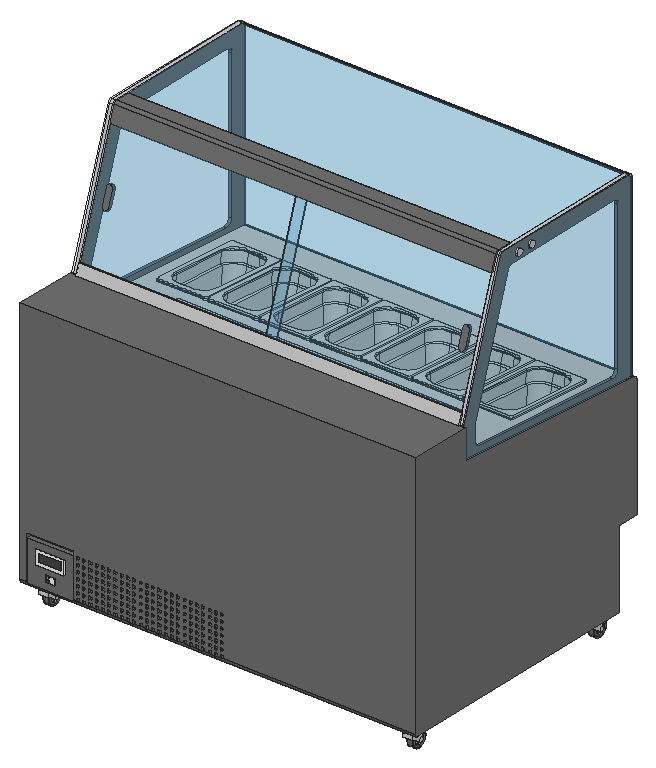
Revit family "QF_BLIZZARD_LUXE9_250923021445", category Specialty Equipment, Revit 2021 (continued)
Definition of nested family "QF_BLIZZARD_SUNDAE9_2920"
  Lines and regions (mm)
    symbolic lines
      curve 132: line (1240, -473.462, 0) -> (20, -473.462, 0)
      curve 133: line (1240, -549.195, 0) -> (20, -549.195, 0)
      curve 134: line (1087.5, -620.214, 0) -> (1087.5, -549.195, 0)
      curve 135: spline (1078.5, -629.185, 0) -> (1079.675, -629.108, 0) -> (1080.829, -628.879, 0) -> (1081.944, -628.502, 0) -> (1083, -627.983, 0) -> (1083.979, -627.331, 0) -> (1084.864, -626.557, 0) -> (1085.64, -625.675, 0) -> (1086.294, -624.699, 0) -> (1086.815, -623.647, 0) -> (1087.193, -622.536, 0) -> (1087.423, -621.385, 0) -> (1087.5, -620.214, 0)
      curve 136: line (791.5, -629.185, 0) -> (1078.5, -629.185, 0)
      curve 137: line (782.5, -549.195, 0) -> (782.5, -620.214, 0)
      curve 138: spline (782.5, -620.214, 0) -> (782.577, -621.385, 0) -> (782.807, -622.536, 0) -> (783.185, -623.647, 0) -> (783.706, -624.699, 0) -> (784.36, -625.675, 0) -> (785.136, -626.557, 0) -> (786.021, -627.331, 0) -> (787, -627.983, 0) -> (788.056, -628.502, 0) -> (789.171, -628.879, 0) -> (790.325, -629.108, 0) -> (791.5, -629.185, 0)
      curve 139: spline (773.5, -629.185, 0) -> (774.675, -629.108, 0) -> (775.829, -628.879, 0) -> (776.944, -628.502, 0) -> (778, -627.983, 0) -> (778.979, -627.331, 0) -> (779.864, -626.557, 0) -> (780.64, -625.675, 0) -> (781.294, -624.699, 0) -> (781.815, -623.647, 0) -> (782.193, -622.536, 0) -> (782.423, -621.385, 0) -> (782.5, -620.214, 0)
      curve 140: line (486.5, -629.185, 0) -> (773.5, -629.185, 0)
      curve 141: spline (477.5, -620.214, 0) -> (477.577, -621.385, 0) -> (477.807, -622.536, 0) -> (478.185, -623.647, 0) -> (478.706, -624.699, 0) -> (479.36, -625.675, 0) -> (480.136, -626.557, 0) -> (481.021, -627.331, 0) -> (482, -627.983, 0) -> (483.056, -628.502, 0) -> (484.171, -628.879, 0) -> (485.325, -629.108, 0) -> (486.5, -629.185, 0)
      curve 142: line (477.5, -549.195, 0) -> (477.5, -620.214, 0)
      curve 143: line (492.485, -566.485, 0) -> (492.485, -549.195, 0)
      curve 144: spline (540.485, -614.33, 0) -> (534.219, -613.92, 0) -> (528.061, -612.699, 0) -> (522.116, -610.688, 0) -> (516.485, -607.92, 0) -> (511.264, -604.443, 0) -> (506.543, -600.316, 0) -> (502.404, -595.611, 0) -> (498.915, -590.407, 0) -> (496.138, -584.794, 0) -> (494.12, -578.868, 0) -> (492.895, -572.73, 0) -> (492.485, -566.485, 0)
      curve 145: line (719.515, -614.33, 0) -> (540.485, -614.33, 0)
      curve 146: spline (767.515, -566.485, 0) -> (767.105, -572.73, 0) -> (765.88, -578.868, 0) -> (763.862, -584.794, 0) -> (761.085, -590.407, 0) -> (757.596, -595.611, 0) -> (753.457, -600.316, 0) -> (748.736, -604.443, 0) -> (743.515, -607.92, 0) -> (737.884, -610.688, 0) -> (731.939, -612.699, 0) -> (725.781, -613.92, 0) -> (719.515, -614.33, 0)
      curve 147: line (797.485, -566.485, 0) -> (797.485, -549.195, 0)
      curve 148: spline (845.485, -614.33, 0) -> (839.219, -613.92, 0) -> (833.061, -612.699, 0) -> (827.116, -610.688, 0) -> (821.485, -607.92, 0) -> (816.264, -604.443, 0) -> (811.543, -600.316, 0) -> (807.404, -595.611, 0) -> (803.915, -590.407, 0) -> (801.138, -584.794, 0) -> (799.12, -578.868, 0) -> (797.895, -572.73, 0) -> (797.485, -566.485, 0)
      curve 149: line (1024.515, -614.33, 0) -> (845.485, -614.33, 0)
      curve 150: spline (1072.515, -566.485, 0) -> (1072.105, -572.73, 0) -> (1070.88, -578.868, 0) -> (1068.862, -584.794, 0) -> (1066.085, -590.407, 0) -> (1062.596, -595.611, 0) -> (1058.457, -600.316, 0) -> (1053.736, -604.443, 0) -> (1048.515, -607.92, 0) -> (1042.884, -610.688, 0) -> (1036.939, -612.699, 0) -> (1030.781, -613.92, 0) -> (1024.515, -614.33, 0)
      curve 151: line (1072.515, -549.195, 0) -> (1072.515, -566.485, 0)
      curve 152: line (1078.5, -467.709, 0) -> (791.5, -467.709, 0)
      curve 153: line (773.5, -467.709, 0) -> (486.5, -467.709, 0)
      curve 154: spline (486.5, -467.709, 0) -> (485.599, -467.754, 0) -> (484.706, -467.889, 0) -> (483.832, -468.112, 0) -> (482.984, -468.422, 0) -> (482.172, -468.814, 0) -> (481.404, -469.286, 0) -> (480.686, -469.832, 0) -> (480.027, -470.446, 0) -> (479.434, -471.124, 0) -> (478.911, -471.857, 0) -> (478.464, -472.639, 0) -> (478.099, -473.462, 0)
      curve 155: spline (791.5, -467.709, 0) -> (790.599, -467.754, 0) -> (789.706, -467.889, 0) -> (788.832, -468.112, 0) -> (787.984, -468.422, 0) -> (787.172, -468.814, 0) -> (786.404, -469.286, 0) -> (785.686, -469.832, 0) -> (785.027, -470.446, 0) -> (784.434, -471.124, 0) -> (783.911, -471.857, 0) -> (783.464, -472.639, 0) -> (783.099, -473.462, 0)
      curve 156: spline (781.901, -473.462, 0) -> (781.536, -472.639, 0) -> (781.089, -471.857, 0) -> (780.566, -471.124, 0) -> (779.973, -470.446, 0) -> (779.314, -469.832, 0) -> (778.596, -469.286, 0) -> (777.828, -468.814, 0) -> (777.016, -468.422, 0) -> (776.168, -468.112, 0) -> (775.294, -467.889, 0) -> (774.401, -467.754, 0) -> (773.5, -467.709, 0)
      curve 157: spline (1086.901, -473.462, 0) -> (1086.536, -472.639, 0) -> (1086.089, -471.857, 0) -> (1085.566, -471.124, 0) -> (1084.973, -470.446, 0) -> (1084.314, -469.832, 0) -> (1083.596, -469.286, 0) -> (1082.828, -468.814, 0) -> (1082.016, -468.422, 0) -> (1081.168, -468.112, 0) -> (1080.294, -467.889, 0) -> (1079.401, -467.754, 0) -> (1078.5, -467.709, 0)
      curve 158: line (767.515, -566.485, 0) -> (767.515, -549.195, 0)
      curve 159: spline (468.5, -629.185, 0) -> (469.675, -629.108, 0) -> (470.829, -628.879, 0) -> (471.944, -628.502, 0) -> (473, -627.983, 0) -> (473.979, -627.331, 0) -> (474.864, -626.557, 0) -> (475.64, -625.675, 0) -> (476.294, -624.699, 0) -> (476.815, -623.647, 0) -> (477.193, -622.536, 0) -> (477.423, -621.385, 0) -> (477.5, -620.214, 0)
      curve 160: line (181.5, -629.185, 0) -> (468.5, -629.185, 0)
      curve 161: spline (172.5, -620.214, 0) -> (172.577, -621.385, 0) -> (172.807, -622.536, 0) -> (173.185, -623.647, 0) -> (173.706, -624.699, 0) -> (174.36, -625.675, 0) -> (175.136, -626.557, 0) -> (176.021, -627.331, 0) -> (177, -627.983, 0) -> (178.056, -628.502, 0) -> (179.171, -628.879, 0) -> (180.325, -629.108, 0) -> (181.5, -629.185, 0)
      curve 162: line (172.5, -549.195, 0) -> (172.5, -620.214, 0)
      curve 163: line (187.485, -566.485, 0) -> (187.485, -549.195, 0)
      curve 164: spline (235.485, -614.33, 0) -> (229.219, -613.92, 0) -> (223.061, -612.699, 0) -> (217.116, -610.688, 0) -> (211.485, -607.92, 0) -> (206.264, -604.443, 0) -> (201.543, -600.316, 0) -> (197.404, -595.611, 0) -> (193.915, -590.407, 0) -> (191.138, -584.794, 0) -> (189.12, -578.868, 0) -> (187.895, -572.73, 0) -> (187.485, -566.485, 0)
      curve 165: line (414.515, -614.33, 0) -> (235.485, -614.33, 0)
      curve 166: spline (462.515, -566.485, 0) -> (462.105, -572.73, 0) -> (460.88, -578.868, 0) -> (458.862, -584.794, 0) -> (456.085, -590.407, 0) -> (452.596, -595.611, 0) -> (448.457, -600.316, 0) -> (443.736, -604.443, 0) -> (438.515, -607.92, 0) -> (432.884, -610.688, 0) -> (426.939, -612.699, 0) -> (420.781, -613.92, 0) -> (414.515, -614.33, 0)
      curve 167: line (468.5, -467.709, 0) -> (181.5, -467.709, 0)
      curve 168: spline (181.5, -467.709, 0) -> (180.599, -467.754, 0) -> (179.706, -467.889, 0) -> (178.832, -468.112, 0) -> (177.984, -468.422, 0) -> (177.172, -468.814, 0) -> (176.404, -469.286, 0) -> (175.686, -469.832, 0) -> (175.027, -470.446, 0) -> (174.434, -471.124, 0) -> (173.911, -471.857, 0) -> (173.464, -472.639, 0) -> (173.099, -473.462, 0)
      curve 169: spline (476.901, -473.462, 0) -> (476.536, -472.639, 0) -> (476.089, -471.857, 0) -> (475.566, -471.124, 0) -> (474.973, -470.446, 0) -> (474.314, -469.832, 0) -> (473.596, -469.286, 0) -> (472.828, -468.814, 0) -> (472.016, -468.422, 0) -> (471.168, -468.112, 0) -> (470.294, -467.889, 0) -> (469.401, -467.754, 0) -> (468.5, -467.709, 0)
      curve 170: line (462.515, -566.485, 0) -> (462.515, -549.195, 0)
      curve 171: line (384, -409.003, 0) -> (384, -122.932, 0)
      curve 172: spline (378, -414.983, 0) -> (378.783, -414.932, 0) -> (379.553, -414.78, 0) -> (380.296, -414.528, 0) -> (381, -414.182, 0) -> (381.653, -413.748, 0) -> (382.243, -413.232, 0) -> (382.76, -412.644, 0) -> (383.196, -411.993, 0) -> (383.543, -411.292, 0) -> (383.796, -410.551, 0) -> (383.949, -409.783, 0) -> (384, -409.003, 0)
      curve 173: line (234, -414.983, 0) -> (378, -414.983, 0)
      curve 174: line (234, -418.376, 0) -> (378, -418.376, 0)
      curve 175: spline (378, -418.376, 0) -> (379.175, -418.299, 0) -> (380.329, -418.07, 0) -> (381.444, -417.693, 0) -> (382.5, -417.174, 0) -> (383.479, -416.522, 0) -> (384.364, -415.748, 0) -> (385.14, -414.866, 0) -> (385.794, -413.89, 0) -> (386.315, -412.838, 0) -> (386.693, -411.727, 0) -> (386.923, -410.576, 0) -> (387, -409.405, 0)
      curve 176: spline (228, -409.003, 0) -> (228.051, -409.783, 0) -> (228.204, -410.551, 0) -> (228.457, -411.292, 0) -> (228.804, -411.993, 0) -> (229.24, -412.644, 0) -> (229.757, -413.232, 0) -> (230.347, -413.748, 0) -> (231, -414.182, 0) -> (231.704, -414.528, 0) -> (232.447, -414.78, 0) -> (233.217, -414.932, 0) -> (234, -414.983, 0)
      curve 177: spline (225, -409.405, 0) -> (225.077, -410.576, 0) -> (225.307, -411.727, 0) -> (225.685, -412.838, 0) -> (226.206, -413.89, 0) -> (226.86, -414.866, 0) -> (227.636, -415.748, 0) -> (228.521, -416.522, 0) -> (229.5, -417.174, 0) -> (230.556, -417.693, 0) -> (231.671, -418.07, 0) -> (232.825, -418.299, 0) -> (234, -418.376, 0)
      curve 178: line (228, -122.932, 0) -> (228, -409.003, 0)
      curve 179: line (225, -123.333, 0) -> (225, -409.405, 0)
      curve 180: spline (384, -122.932, 0) -> (383.949, -122.151, 0) -> (383.796, -121.384, 0) -> (383.543, -120.643, 0) -> (383.196, -119.941, 0) -> (382.76, -119.291, 0) -> (382.243, -118.703, 0) -> (381.653, -118.187, 0) -> (381, -117.752, 0) -> (380.296, -117.406, 0) -> (379.553, -117.155, 0) -> (378.783, -117.002, 0) -> (378, -116.951, 0)
      curve 181: spline (387, -123.333, 0) -> (386.923, -122.163, 0) -> (386.693, -121.012, 0) -> (386.315, -119.9, 0) -> (385.794, -118.848, 0) -> (385.14, -117.872, 0) -> (384.364, -116.99, 0) -> (383.479, -116.216, 0) -> (382.5, -115.564, 0) -> (381.444, -115.045, 0) -> (380.329, -114.668, 0) -> (379.175, -114.439, 0) -> (378, -114.363, 0)
      curve 182: line (378, -114.363, 0) -> (234, -114.363, 0)
      curve 183: line (378, -116.951, 0) -> (234, -116.951, 0)
      curve 184: spline (234, -116.951, 0) -> (233.217, -117.002, 0) -> (232.447, -117.155, 0) -> (231.704, -117.406, 0) -> (231, -117.752, 0) -> (230.347, -118.187, 0) -> (229.757, -118.703, 0) -> (229.24, -119.291, 0) -> (228.804, -119.941, 0) -> (228.457, -120.643, 0) -> (228.204, -121.384, 0) -> (228.051, -122.151, 0) -> (228, -122.932, 0)
      curve 185: spline (234, -114.363, 0) -> (232.825, -114.439, 0) -> (231.671, -114.668, 0) -> (230.556, -115.045, 0) -> (229.5, -115.564, 0) -> (228.521, -116.216, 0) -> (227.636, -116.99, 0) -> (226.86, -117.872, 0) -> (226.206, -118.848, 0) -> (225.685, -119.9, 0) -> (225.307, -121.012, 0) -> (225.077, -122.163, 0) -> (225, -123.333, 0)
      curve 186: spline (372.5, -355.193, 0) -> (372.089, -361.438, 0) -> (370.864, -367.576, 0) -> (368.846, -373.502, 0) -> (366.069, -379.115, 0) -> (362.581, -384.319, 0) -> (358.441, -389.024, 0) -> (353.721, -393.151, 0) -> (348.5, -396.628, 0) -> (342.869, -399.396, 0) -> (336.923, -401.407, 0) -> (330.765, -402.628, 0) -> (324.5, -403.038, 0)
      curve 187: line (324.5, -403.038, 0) -> (287.5, -403.038, 0)
      curve 188: spline (287.5, -403.038, 0) -> (281.235, -402.628, 0) -> (275.077, -401.407, 0) -> (269.131, -399.396, 0) -> (263.5, -396.628, 0) -> (258.279, -393.151, 0) -> (253.559, -389.024, 0) -> (249.419, -384.319, 0) -> (245.931, -379.115, 0) -> (243.154, -373.502, 0) -> (241.136, -367.576, 0) -> (239.911, -361.438, 0) -> (239.5, -355.193, 0)
      curve 189: line (239.5, -355.193, 0) -> (239.5, -176.741, 0)
      curve 190: line (372.5, -176.741, 0) -> (372.5, -355.193, 0)
      curve 191: spline (239.5, -176.741, 0) -> (239.911, -170.496, 0) -> (241.136, -164.358, 0) -> (243.154, -158.432, 0) -> (245.931, -152.819, 0) -> (249.419, -147.615, 0) -> (253.559, -142.91, 0) -> (258.279, -138.784, 0) -> (263.5, -135.307, 0) -> (269.131, -132.539, 0) -> (275.077, -130.527, 0) -> (281.235, -129.306, 0) -> (287.5, -128.897, 0)
      curve 192: line (287.5, -128.897, 0) -> (324.5, -128.897, 0)
      curve 193: spline (324.5, -128.897, 0) -> (330.765, -129.306, 0) -> (336.923, -130.527, 0) -> (342.869, -132.539, 0) -> (348.5, -135.307, 0) -> (353.721, -138.784, 0) -> (358.441, -142.91, 0) -> (362.581, -147.615, 0) -> (366.069, -152.819, 0) -> (368.846, -158.432, 0) -> (370.864, -164.358, 0) -> (372.089, -170.496, 0) -> (372.5, -176.741, 0)
      curve 194: line (222, -409.003, 0) -> (222, -122.932, 0)
      curve 195: spline (216, -414.983, 0) -> (216.783, -414.932, 0) -> (217.553, -414.78, 0) -> (218.296, -414.528, 0) -> (219, -414.182, 0) -> (219.653, -413.748, 0) -> (220.243, -413.232, 0) -> (220.76, -412.644, 0) -> (221.196, -411.993, 0) -> (221.543, -411.292, 0) -> (221.796, -410.551, 0) -> (221.949, -409.783, 0) -> (222, -409.003, 0)
      curve 196: line (72, -414.983, 0) -> (216, -414.983, 0)
      curve 197: line (72, -418.376, 0) -> (216, -418.376, 0)
      curve 198: spline (216, -418.376, 0) -> (217.175, -418.299, 0) -> (218.329, -418.07, 0) -> (219.444, -417.693, 0) -> (220.5, -417.174, 0) -> (221.479, -416.522, 0) -> (222.364, -415.748, 0) -> (223.14, -414.866, 0) -> (223.794, -413.89, 0) -> (224.315, -412.838, 0) -> (224.693, -411.727, 0) -> (224.923, -410.576, 0) -> (225, -409.405, 0)
      curve 199: spline (66, -409.003, 0) -> (66.051, -409.783, 0) -> (66.204, -410.551, 0) -> (66.457, -411.292, 0) -> (66.804, -411.993, 0) -> (67.24, -412.644, 0) -> (67.757, -413.232, 0) -> (68.347, -413.748, 0) -> (69, -414.182, 0) -> (69.704, -414.528, 0) -> (70.447, -414.78, 0) -> (71.217, -414.932, 0) -> (72, -414.983, 0)
      curve 200: spline (63, -409.405, 0) -> (63.077, -410.576, 0) -> (63.307, -411.727, 0) -> (63.685, -412.838, 0) -> (64.206, -413.89, 0) -> (64.86, -414.866, 0) -> (65.636, -415.748, 0) -> (66.521, -416.522, 0) -> (67.5, -417.174, 0) -> (68.556, -417.693, 0) -> (69.671, -418.07, 0) -> (70.825, -418.299, 0) -> (72, -418.376, 0)
      curve 201: line (66, -122.932, 0) -> (66, -409.003, 0)
      curve 202: line (63, -123.333, 0) -> (63, -409.405, 0)
      curve 203: spline (222, -122.932, 0) -> (221.949, -122.151, 0) -> (221.796, -121.384, 0) -> (221.543, -120.643, 0) -> (221.196, -119.941, 0) -> (220.76, -119.291, 0) -> (220.243, -118.703, 0) -> (219.653, -118.187, 0) -> (219, -117.752, 0) -> (218.296, -117.406, 0) -> (217.553, -117.155, 0) -> (216.783, -117.002, 0) -> (216, -116.951, 0)
      curve 204: spline (225, -123.333, 0) -> (224.923, -122.163, 0) -> (224.693, -121.012, 0) -> (224.315, -119.9, 0) -> (223.794, -118.848, 0) -> (223.14, -117.872, 0) -> (222.364, -116.99, 0) -> (221.479, -116.216, 0) -> (220.5, -115.564, 0) -> (219.444, -115.045, 0) -> (218.329, -114.668, 0) -> (217.175, -114.439, 0) -> (216, -114.363, 0)
      curve 205: line (216, -114.363, 0) -> (72, -114.363, 0)
      curve 206: line (216, -116.951, 0) -> (72, -116.951, 0)
      curve 207: spline (72, -116.951, 0) -> (71.217, -117.002, 0) -> (70.447, -117.155, 0) -> (69.704, -117.406, 0) -> (69, -117.752, 0) -> (68.347, -118.187, 0) -> (67.757, -118.703, 0) -> (67.24, -119.291, 0) -> (66.804, -119.941, 0) -> (66.457, -120.643, 0) -> (66.204, -121.384, 0) -> (66.051, -122.151, 0) -> (66, -122.932, 0)
      curve 208: spline (72, -114.363, 0) -> (70.825, -114.439, 0) -> (69.671, -114.668, 0) -> (68.556, -115.045, 0) -> (67.5, -115.564, 0) -> (66.521, -116.216, 0) -> (65.636, -116.99, 0) -> (64.86, -117.872, 0) -> (64.206, -118.848, 0) -> (63.685, -119.9, 0) -> (63.307, -121.012, 0) -> (63.077, -122.163, 0) -> (63, -123.333, 0)
      curve 209: spline (210.5, -355.193, 0) -> (210.089, -361.438, 0) -> (208.864, -367.576, 0) -> (206.846, -373.502, 0) -> (204.069, -379.115, 0) -> (200.581, -384.319, 0) -> (196.441, -389.024, 0) -> (191.721, -393.151, 0) -> (186.5, -396.628, 0) -> (180.869, -399.396, 0) -> (174.923, -401.407, 0) -> (168.765, -402.628, 0) -> (162.5, -403.038, 0)
      curve 210: line (162.5, -403.038, 0) -> (125.5, -403.038, 0)
      curve 211: spline (125.5, -403.038, 0) -> (119.235, -402.628, 0) -> (113.077, -401.407, 0) -> (107.131, -399.396, 0) -> (101.5, -396.628, 0) -> (96.279, -393.151, 0) -> (91.559, -389.024, 0) -> (87.419, -384.319, 0) -> (83.931, -379.115, 0) -> (81.154, -373.502, 0) -> (79.136, -367.576, 0) -> (77.911, -361.438, 0) -> (77.5, -355.193, 0)
      curve 212: line (77.5, -355.193, 0) -> (77.5, -176.741, 0)
      curve 213: line (210.5, -176.741, 0) -> (210.5, -355.193, 0)
      curve 214: spline (77.5, -176.741, 0) -> (77.911, -170.496, 0) -> (79.136, -164.358, 0) -> (81.154, -158.432, 0) -> (83.931, -152.819, 0) -> (87.419, -147.615, 0) -> (91.559, -142.91, 0) -> (96.279, -138.784, 0) -> (101.5, -135.307, 0) -> (107.131, -132.539, 0) -> (113.077, -130.527, 0) -> (119.235, -129.306, 0) -> (125.5, -128.897, 0)
      curve 215: line (125.5, -128.897, 0) -> (162.5, -128.897, 0)
      curve 216: spline (162.5, -128.897, 0) -> (168.765, -129.306, 0) -> (174.923, -130.527, 0) -> (180.869, -132.539, 0) -> (186.5, -135.307, 0) -> (191.721, -138.784, 0) -> (196.441, -142.91, 0) -> (200.581, -147.615, 0) -> (204.069, -152.819, 0) -> (206.846, -158.432, 0) -> (208.864, -164.358, 0) -> (210.089, -170.496, 0) -> (210.5, -176.741, 0)
  Dimensions and locks
    plane 3 "Left" to plane 4 "Right" = 1260 mm
    plane 5 "Front" to plane 1 "Back" = 880 mm
    plane 6 "Top" to level = 1300 mm  (x2)
    plane 1 "Back" to plane 5 "Front" = 880 mm
    plane 4 "Right" to plane 3 "Left" = 1260 mm
    aligned and locked: level to plane 2
Definition of nested family "CONN_POINT_ELE_2D___Generic_Annotation"
  Parameters (values of type "CONN_POINT_ELE_2D___Generic_Annotation")
    Onboard connection annotation symbol visibility [instance] = yes
  Reference planes
    plane 1: y = 0
    plane 2: x = 0
  Lines and regions (mm)
    detail lines, visible <- "Onboard connection annotation symbol visibility"
      curve 1: circle (0, 0, 0) r 0.5 normal (0, 0, 1)
      curve 2: line (-1, 0, 0) -> (1, 0, 0)
      curve 3: line (0, 1, 0) -> (0, -1, 0)
      curve 4: line (2.5, 1, 0) -> (1.25, 1, 0)
      curve 5: line (1.25, 1, 0) -> (1.25, -1, 0)
      curve 6: line (1.25, -1, 0) -> (2.5, -1, 0)
      curve 7: line (1.25, 0, 0) -> (2, 0, 0)
